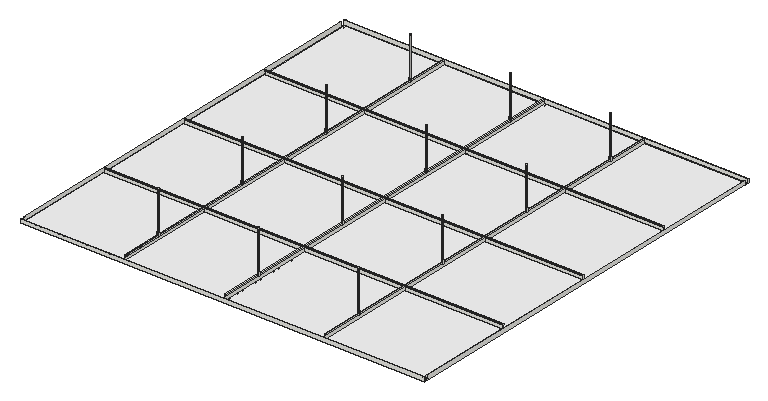
Revit family "FalsoTecho_THU_Bandeja-Modena-T24", category Modelos genéricos, Revit 2016
Family settings
  Tipo de pieza = Normal
  Puede alojar armadura = No
  Cota de conector redondo = Diámetro de uso
  Se basa en plano de trabajo = Sí
  Siempre vertical = No
  Corte con vacíos al cargar = Sí
  Compartido = Sí
  Punto de cálculo de habitación = No
Parameters (values of type "Aluminio_Descolgada-8mm_600x600")
  Tirantes_Separación real [instance] = (Falso techo_Anchura real - (Tirante inicial_Distancia a borde * 2)) / (Tirantes_Recuento - 1)  # 628.333 mm
  Tirantes_Recuento [instance] = (Falso techo_Longitud real - (Tirante inicial_Distancia a borde * 2)) / Tirante_Separación aproximada + 2  # 4
  Tirante_Separación aproximada [instance] = 1000 mm  # constant formula
  Tirante_Longitud [instance] = THU_Falso techo_Plenum altura + Solape_Perfil y tirante  # 257 mm
  Tirante inicial_Distancia a borde [instance] = if(Bandejas_Recuento longitudinal < 2, 25 mm, 250 mm)  # 250 mm
  THU_Velo [instance] = yes
  THU_Subestructura_Material = "Acero galvanizado"
  THU_Subestructura_Color [instance] = THU_Blanco-RAL9010
  THU_Reacción al fuego = "a2-s1, d0"
  THU_Perfil secundario [instance] = if(T24, Perfil T24_Secundario, Perfil T24_Decor_Secundario)  # Perfil_THU_T24 : Perfil T24-Secundario
  THU_Perfil primario [instance] = if(T24, Perfil T24_Primario, Perfil T24_Decor_Primario)  # Perfil_THU_T24 : Perfil T24-Primario
  THU_Falso techo_Área [instance] = Falso techo_Longitud real * Falso techo_Anchura real  # 5.68823 m²
  THU_Falso techo_Plenum altura [instance] = 250 mm
  THU_Falso techo_Longitud [instance] = 2500 mm
  THU_Falso techo_Anchura [instance] = 2500 mm
  THU_Falso techo_Altura libre [instance] = 2500 mm
  THU_Bandeja_Material = "Aluminio"
  THU_Bandeja_Color [instance] = THU_Blanco-Mate
  THU_Bandeja = Bandeja_THU_Modena-T24 : Aluminio_V8_600x600
  THU_Acabado [instance] = Acabado_THU_Bandejas : Liso
  T24 Decor [instance] = not(T24)  # no
  T24 [instance] = yes
  Solape_Perfil y tirante = 7 mm  # constant formula
  Página web del producto = "http://thu.es/producto/bandeja-modena-t24/"
  Página web del fabricante = "http://thu.es/"
  Perfiles secundarios_Recuento [instance] = Bandejas_Recuento longitudinal - 1  # 3
  Perfiles primarios_Recuento [instance] = Bandejas_Recuento transversal - 1  # 3
  Perfiles iniciales_Desfase = Bandejas_Separación / 2  # 7.5 mm
  Perfil_Altura = 33 mm  # constant formula
  Perfil secundario_Longitud [instance] = Falso techo_Anchura real  # 2385 mm
  Perfil secundario_Intereje = 600 mm
  Perfil primario_Longitud [instance] = Falso techo_Longitud real  # 2385 mm
  Perfil primario_Intereje = 600 mm
  Perfil perimetral_Angular PVC [instance] = Perfiles perimetrales_THU : (F)_Angular PVC
  Perfil perimetral_Perfil cornisa [instance] = Perfiles perimetrales_THU : (D)_Perfil cornisa
  Perfil perimetral_L24x24 [instance] = Perfiles perimetrales_THU : (A)_L24x24
  Perfil perimetral_Anchura [instance] = if(A_L24x24, 24 mm, if(D_Perfil cornisa, 18 mm, if(F_Angular PVC, 28 mm, 24 mm)))  # 24 mm
  Perfil perimetral 04 [instance] = yes
  Perfil perimetral 03 [instance] = yes
  Perfil perimetral 02 [instance] = yes
  Perfil perimetral_Distancia a bandeja [instance] = Perfil perimetral_Anchura - 5 mm  # 19 mm
  Perfil perimetral trans_Longitud [instance] = Perfil secundario_Longitud + (Perfil perimetral_Distancia a bandeja * 2)  # 2423 mm
  Perfil perimetral long_Longitud [instance] = Perfil primario_Longitud - 10 mm  # 2375 mm
  Perfil perimetral 01 [instance] = yes
  Perfil perimetral [instance] = if(A_L24x24, Perfil perimetral_L24x24, if(D_Perfil cornisa, Perfil perimetral_Perfil cornisa, if(F_Angular PVC, Perfil perimetral_Angular PVC, Perfil perimetral_L24x24)))  # Perfiles perimetrales_THU : (A)_L24x24
  Perfil T24_Secundario [instance] = Perfil_THU_T24 : Perfil T24-Secundario
  Perfil T24_Primario [instance] = Perfil_THU_T24 : Perfil T24-Primario
  Perfil T24_Decor_Secundario [instance] = Perfil_THU_T24-Decor : Perfil T24-Secundario
  Perfil T24_Decor_Primario [instance] = Perfil_THU_T24-Decor : Perfil T24-Primario
  Omniclass = "23-15 19 23 11"
  Número de edición (versión) = 0
  Nombre del objeto = "Bandeja Modena T24"
  NBS Reference Description = "Board suspended ceiling system"
  NBS Reference = "20-10-10/110"
  Model = ""
  Marca = "THU"
  Manual de montaje = "http://thu.es/wp-content/uploads/manuals/MM-Techos-Bandejas-Modena-y-Parma.pdf"
  IFC Classification = "IfcCovering (CEILING)"
  Grupo del producto = "Bandejas"
  Ficha técnica = "http://thu.es/wp-content/uploads/datasheets/ft-bandejas-modena-24-thu.pdf"
  Ficha resumen = "http://thu.es/wp-content/uploads/datasheets/THU_Techos_metalicos_Bandeja_Modena_T24.pdf"
  Fecha de publicación del objeto BIM = ""
  Famila del producto = "Techos metálicos"
  Falso techo_Longitud real [instance] = ((Perfil secundario_Intereje * Bandejas_Recuento longitudinal) - Bandejas_Separación)  # 2385 mm
  Falso techo_Grosor = 33 mm  # constant formula
  Falso techo_Anchura real [instance] = ((Perfil primario_Intereje * Bandejas_Recuento transversal) - Bandejas_Separación)  # 2385 mm
  Fabricante = "THU Perfil S.L."
  F_Angular PVC [instance] = no
  Default Elevation = 0 mm
  Descripción = "Bandejas THU tipo Módena de dimensiones 585x585 mm, de cantos biselados (V6), rectos (V8) o enrasada y con sistema de perfilería vista (T24 o T-Decor24), compuesta por perfiles primarios y secundarios de ancho 24 mm y diferentes alturas. Alternativamente se pueden fabricar las bandejas en dimensiones 275x1175 mm con canto recto (V8)."
  Declaración de prestaciones = "http://thu.es/wp-content/uploads/declarations/dp_bandejas_modena_t24.pdf"
  D_Perfil cornisa [instance] = no
  Comentarios de tipo = "Bandejas Módena T24 para techo suspendido, para ser montadas en interior de edificios con perfilería THU T24, T-Decor 24 o T-Clip"
  COBie Type Category = "L387 : Suspended ceilings"
  Bandejas_Recuento transversal [instance] = THU_Falso techo_Anchura / Perfil primario_Intereje  # 4
  Bandejas_Recuento longitudinal [instance] = THU_Falso techo_Longitud / Perfil secundario_Intereje  # 4
  Bandejas_Recuento [instance] = Bandejas_Recuento longitudinal * Bandejas_Recuento transversal  # 16
  Bandejas_Separación = 15 mm
  Bandeja_Longitud = Perfil secundario_Intereje - Bandejas_Separación  # 585 mm
  Bandeja_Grosor = 10 mm  # constant formula
  Bandeja_Descuelgue = 7 mm
  Bandeja_Anchura = Perfil primario_Intereje - Bandejas_Separación  # 585 mm
  A_L24x24 [instance] = yes
Types (9, lengths in mm): name | Tirantes_Separación real | Tirantes_Recuento | THU_Falso techo_Área | THU_Falso techo_Longitud | THU_Falso techo_Anchura | THU_Bandeja_Material | THU_Bandeja | Perfiles secundarios_Recuento | Perfiles primarios_Recuento | Perfiles iniciales_Desfase | Perfil secundario_Longitud | Perfil secundario_Intereje | Perfil primario_Longitud | Perfil primario_Intereje | Perfil perimetral trans_Longitud | Perfil perimetral long_Longitud | Número de edición (versión) | Falso techo_Longitud real | Falso techo_Anchura real | Bandejas_Recuento transversal | Bandejas_Recuento longitudinal | Bandejas_Recuento | Bandejas_Separación | Bandeja_Longitud | Bandeja_Descuelgue | Bandeja_Anchura
  (no name) | 628.333 | 4 | 5.68823 m² | 2500 | 2500 | "Aluminio" | Bandeja_THU_Modena-T24 : Aluminio_V8_600x600 | 3 | 3 | 7.5 | 2385 | 600 | 2385 | 600 | 2423 | 2375 | 0 | 2385 | 2385 | 4 | 4 | 16 | 15 | 585 | 7 | 585
  Acero_Enrasada_600x600 | 630.333 | 4 | 5.71688 m² | 2500 | 2500 | "Acero" | Bandeja_THU_Modena-T24 : Acero_E_600x600 | 3 | 3 | 4.5 | 2391 | 600 | 2391 | 600 | 2429 | 2381 | 0 | 2391 | 2391 | 4 | 4 | 16 | 9 | 591 | 0 | 591
  Acero_Descolgada-6mm_600x600 | 628.333 | 4 | 5.68823 m² | 2500 | 2500 | "Acero" | Bandeja_THU_Modena-T24 : Acero_V6_600x600 | 3 | 3 | 7.5 | 2385 | 600 | 2385 | 600 | 2423 | 2375 | 1 | 2385 | 2385 | 4 | 4 | 16 | 15 | 585 | 5 | 585
  Acero_Descolgada-8mm_600x600 | 628.333 | 4 | 5.68823 m² | 2500 | 2500 | "Acero" | Bandeja_THU_Modena-T24 : Acero_V8_600x600 | 3 | 3 | 7.5 | 2385 | 600 | 2385 | 600 | 2423 | 2375 | 0 | 2385 | 2385 | 4 | 4 | 16 | 15 | 585 | 7 | 585
  Aluminio_Descolgada-6mm_600x600 | 628.333 | 4 | 5.68823 m² | 2500 | 2500 | "Aluminio" | Bandeja_THU_Modena-T24 : Aluminio_V6_600x600 | 3 | 3 | 7.5 | 2385 | 600 | 2385 | 600 | 2423 | 2375 | 1 | 2385 | 2385 | 4 | 4 | 16 | 15 | 585 | 5 | 585
  Aluminio_Descolgada-8mm_600x600 | 628.333 | 4 | 5.68823 m² | 2500 | 2500 | "Aluminio" | Bandeja_THU_Modena-T24 : Aluminio_V8_600x600 | 3 | 3 | 7.5 | 2385 | 600 | 2385 | 600 | 2423 | 2375 | 0 | 2385 | 2385 | 4 | 4 | 16 | 15 | 585 | 7 | 585
  Aluminio_Enrasada_600x600 | 630.333 | 4 | 5.71688 m² | 2500 | 2500 | "Aluminio" | Bandeja_THU_Modena-T24 : Aluminio_E_600x600 | 3 | 3 | 4.5 | 2391 | 600 | 2391 | 600 | 2429 | 2381 | 0 | 2391 | 2391 | 4 | 4 | 16 | 9 | 591 | 0 | 591
  Acero_Descolgada-8mm_300x1200 | 771.25 | 5 | 12.8522 m² | 3500 | 3500 | "Acero" | Bandeja_THU_Modena-T24 : Acero_V8_300x1200 | 2 | 11 | 7.5 | 3585 | 1200 | 3585 | 300 | 3623 | 3575 | 0 | 3585 | 3585 | 12 | 3 | 36 | 15 | 1185 | 7 | 285
  Aluminio_Descolgada-8mm_300x1200 | 771.25 | 5 | 12.8522 m² | 3500 | 3500 | "Aluminio" | Bandeja_THU_Modena-T24 : Aluminio_V8_300x1200 | 2 | 11 | 7.5 | 3585 | 1200 | 3585 | 300 | 3623 | 3575 | 0 | 3585 | 3585 | 12 | 3 | 36 | 15 | 1185 | 7 | 285
Reference planes
  plane 1 "Centro (Frontal/Posterior)": y = 0
  plane 2: z = 0
  plane 3 "Centro (Izquierda/Derecha)": x = 0
  plane 4 "Bandejas_Límite inferior": z = 2500
  plane 5 "Perfiles_Límite inferior": z = 2507
  plane 6 "Perfiles_Límite superior": z = 2540
  plane 7 "Plano de apoyo longitudinal_Separación rastreles": x = -7.5
  plane 8 "Plano de apoyo transversal_Separación rastreles": y = -7.5
  plane 9 "Tirantes_Parte superior": z = 2790
  plane 10 "Tirantes_Parte inferior": z = 2533
  plane 11 "Falso techo_Límite derecho": x = 2492.5
  plane 12 "Falso techo_Límite superior": y = 2492.5
  plane 13 "Falso techo_Límite superior real": y = 2385
  plane 14 "Falso techo_Límite derecho real": x = 2385
Dimensions and locks
  "THU_Falso techo_Altura libre": plane 4 "Bandejas_Límite inferior" to level
  "Bandeja_Descuelgue": plane 5 "Perfiles_Límite inferior" to plane 4 "Bandejas_Límite inferior"
  "Perfil_Altura": plane 6 "Perfiles_Límite superior" to plane 5 "Perfiles_Límite inferior"
  "Perfiles iniciales_Desfase": plane 7 "Plano de apoyo longitudinal_Separación rastreles" to plane 3 "Centro (Izquierda/Derecha)"
  "Perfiles iniciales_Desfase": plane 1 "Centro (Frontal/Posterior)" to plane 8 "Plano de apoyo transversal_Separación rastreles"
  "Solape_Perfil y tirante": plane 6 "Perfiles_Límite superior" to plane 10 "Tirantes_Parte inferior"
  "THU_Falso techo_Plenum altura": plane 9 "Tirantes_Parte superior" to plane 6 "Perfiles_Límite superior"
  "THU_Falso techo_Anchura": plane 7 "Plano de apoyo longitudinal_Separación rastreles" to plane 11 "Falso techo_Límite derecho"
  "THU_Falso techo_Longitud": plane 12 "Falso techo_Límite superior" to plane 8 "Plano de apoyo transversal_Separación rastreles"
  equal spacing: group 1, group 2, group 3, group 9  (x3)
  "Bandejas_Separación": nested 2 to nested 1
  equal spacing: group 4, group 5, group 6  (x3)
  "Perfil primario_Intereje": plane 7 "Plano de apoyo longitudinal_Separación rastreles" to nested 4
  "Perfil primario_Intereje": nested 4 to nested 5
  equal spacing: group 7, group 8, group 10  (x3)
  "Perfil secundario_Intereje": nested 7 to plane 8 "Plano de apoyo transversal_Separación rastreles"
  "Perfil secundario_Intereje": nested 7 to nested 8
  "Falso techo_Anchura real": plane 3 "Centro (Izquierda/Derecha)" to plane 14 "Falso techo_Límite derecho real"
  "Falso techo_Longitud real": plane 1 "Centro (Frontal/Posterior)" to plane 13 "Falso techo_Límite superior real"
  "Perfil perimetral_Distancia a bandeja": nested 9 to plane 3 "Centro (Izquierda/Derecha)"
  "Perfil perimetral_Distancia a bandeja": nested 9 to plane 1 "Centro (Frontal/Posterior)"
  "Perfil perimetral_Distancia a bandeja": plane 14 "Falso techo_Límite derecho real" to nested 10
  "Perfil perimetral_Distancia a bandeja": nested 11 to plane 3 "Centro (Izquierda/Derecha)"
  "Perfil perimetral_Distancia a bandeja": nested 11 to plane 13 "Falso techo_Límite superior real"
  aligned and locked: level to plane 2
  aligned and locked: plane 3 "Centro (Izquierda/Derecha)" to nested 1
  aligned and locked: plane 1 "Centro (Frontal/Posterior)" to nested 1
  aligned and locked: nested 1 to plane 4 "Bandejas_Límite inferior"
  aligned and locked: nested 2 to plane 4 "Bandejas_Límite inferior"
  aligned and locked: nested 4 to plane 5 "Perfiles_Límite inferior"
  aligned and locked: nested 5 to plane 5 "Perfiles_Límite inferior"
  aligned and locked: nested 7 to plane 5 "Perfiles_Límite inferior"
  aligned and locked: nested 8 to plane 5 "Perfiles_Límite inferior"
  aligned and locked: nested 9 to nested 12
  aligned and locked: nested 10 to nested 9
  aligned and locked: nested 12 to nested 9
Nested families
  nested 1: "Bandeja_THU_Modena-T24" at (0, 0, 2500), Bandeja_Anchura <- "Bandeja_Anchura", Bandeja_Longitud <- "Bandeja_Longitud", Bandejas_Separación <- "Bandejas_Separación", Bandejas_Recuento transversal <- "Bandejas_Recuento transversal", type <- "THU_Bandeja", THU_Color <- "THU_Bandeja_Color", THU_Material <- "THU_Bandeja_Material", type "Aluminio_V8_600x600"
    with THU_Recuento (ud) 4, THU_Material "Aluminio", THU_Color THU_Blanco-Mate, Parte superior_Grosor 8 mm, Bandejas_Separación 15 mm, Bandejas_Recuento transversal 4, Bandeja_Longitud 585 mm, Bandeja_Grosor 16 mm, Bandeja_Anchura 585 mm
  nested 2: "Bandeja_THU_Modena-T24" at (0, 600, 2500), Bandeja_Anchura <- "Bandeja_Anchura", Bandeja_Longitud <- "Bandeja_Longitud", Bandejas_Separación <- "Bandejas_Separación", Bandejas_Recuento transversal <- "Bandejas_Recuento transversal", type <- "THU_Bandeja", THU_Color <- "THU_Bandeja_Color", THU_Material <- "THU_Bandeja_Material", type "Aluminio_V8_600x600"
    with THU_Recuento (ud) 4, THU_Material "Aluminio", THU_Color THU_Blanco-Mate, Parte superior_Grosor 8 mm, Bandejas_Separación 15 mm, Bandejas_Recuento transversal 4, Bandeja_Longitud 585 mm, Bandeja_Grosor 16 mm, Bandeja_Anchura 585 mm
  nested 3: "Bandeja_THU_Modena-T24" at (0, 1200, 2500), Bandeja_Anchura <- "Bandeja_Anchura", Bandeja_Longitud <- "Bandeja_Longitud", Bandejas_Separación <- "Bandejas_Separación", Bandejas_Recuento transversal <- "Bandejas_Recuento transversal", type <- "THU_Bandeja", THU_Color <- "THU_Bandeja_Color", THU_Material <- "THU_Bandeja_Material", type "Aluminio_V8_600x600"
    with THU_Recuento (ud) 4, THU_Material "Aluminio", THU_Color THU_Blanco-Mate, Parte superior_Grosor 8 mm, Bandejas_Separación 15 mm, Bandejas_Recuento transversal 4, Bandeja_Longitud 585 mm, Bandeja_Grosor 16 mm, Bandeja_Anchura 585 mm
  nested 4: "Perfil_THU_T24" at (592.5, 0, 2507), type <- "THU_Perfil primario", Tirante inicial_Distancia a extremo <- "Tirante inicial_Distancia a borde", Tirante_Longitud <- "Tirante_Longitud", Tirantes_Recuento <- "Tirantes_Recuento", THU_Color <- "THU_Subestructura_Color", THU_Material <- "THU_Subestructura_Material", Perfil_Longitud <- "Perfil primario_Longitud", Perfil_Altura <- "Perfil_Altura", type "Perfil T24-Primario"
    with Tirantes_Recuento 4, Tirante_Longitud 257 mm, Tirante inicial_Distancia a extremo 250 mm, THU_Recuento (ml) 2385 mm, THU_Material "Acero galvanizado", THU_Color THU_Blanco-RAL9010, Perfil_Longitud 2385 mm, Perfil_Grosor superior 5 mm, Perfil_Grosor base 1 mm, Perfil_Altura alma 27 mm, Perfil_Altura 33 mm
  nested 5: "Perfil_THU_T24" at (1192.5, 0, 2507), type <- "THU_Perfil primario", Tirante inicial_Distancia a extremo <- "Tirante inicial_Distancia a borde", Tirante_Longitud <- "Tirante_Longitud", Tirantes_Recuento <- "Tirantes_Recuento", THU_Color <- "THU_Subestructura_Color", THU_Material <- "THU_Subestructura_Material", Perfil_Longitud <- "Perfil primario_Longitud", Perfil_Altura <- "Perfil_Altura", type "Perfil T24-Primario"
    with Tirantes_Recuento 4, Tirante_Longitud 257 mm, Tirante inicial_Distancia a extremo 250 mm, THU_Recuento (ml) 2385 mm, THU_Material "Acero galvanizado", THU_Color THU_Blanco-RAL9010, Perfil_Longitud 2385 mm, Perfil_Grosor superior 5 mm, Perfil_Grosor base 1 mm, Perfil_Altura alma 27 mm, Perfil_Altura 33 mm
  nested 6: "Perfil_THU_T24" at (1792.5, 0, 2507), type <- "THU_Perfil primario", Tirante inicial_Distancia a extremo <- "Tirante inicial_Distancia a borde", Tirante_Longitud <- "Tirante_Longitud", Tirantes_Recuento <- "Tirantes_Recuento", THU_Color <- "THU_Subestructura_Color", THU_Material <- "THU_Subestructura_Material", Perfil_Longitud <- "Perfil primario_Longitud", Perfil_Altura <- "Perfil_Altura", type "Perfil T24-Primario"
    with Tirantes_Recuento 4, Tirante_Longitud 257 mm, Tirante inicial_Distancia a extremo 250 mm, THU_Recuento (ml) 2385 mm, THU_Material "Acero galvanizado", THU_Color THU_Blanco-RAL9010, Perfil_Longitud 2385 mm, Perfil_Grosor superior 5 mm, Perfil_Grosor base 1 mm, Perfil_Altura alma 27 mm, Perfil_Altura 33 mm
  nested 7: "Perfil_THU_T24" at (0, 592.5, 2507) x (0, -1, 0) z (0, 0, 1), type <- "THU_Perfil secundario", Tirante inicial_Distancia a extremo <- "Tirante inicial_Distancia a borde", Tirante_Longitud <- "Tirante_Longitud", Tirantes_Recuento <- "Tirantes_Recuento", THU_Color <- "THU_Subestructura_Color", THU_Material <- "THU_Subestructura_Material", Perfil_Longitud <- "Perfil secundario_Longitud", Perfil_Altura <- "Perfil_Altura", type "Perfil T24-Secundario"
    with Tirantes_Recuento 4, Tirante_Longitud 257 mm, Tirante inicial_Distancia a extremo 250 mm, THU_Recuento (ml) 2385 mm, THU_Material "Acero galvanizado", THU_Color THU_Blanco-RAL9010, Perfil_Longitud 2385 mm, Perfil_Grosor superior 5 mm, Perfil_Grosor base 1 mm, Perfil_Altura alma 27 mm, Perfil_Altura 33 mm
  nested 8: "Perfil_THU_T24" at (0, 1192.5, 2507) x (0, -1, 0) z (0, 0, 1), type <- "THU_Perfil secundario", Tirante inicial_Distancia a extremo <- "Tirante inicial_Distancia a borde", Tirante_Longitud <- "Tirante_Longitud", Tirantes_Recuento <- "Tirantes_Recuento", THU_Color <- "THU_Subestructura_Color", THU_Material <- "THU_Subestructura_Material", Perfil_Longitud <- "Perfil secundario_Longitud", Perfil_Altura <- "Perfil_Altura", type "Perfil T24-Secundario"
    with Tirantes_Recuento 4, Tirante_Longitud 257 mm, Tirante inicial_Distancia a extremo 250 mm, THU_Recuento (ml) 2385 mm, THU_Material "Acero galvanizado", THU_Color THU_Blanco-RAL9010, Perfil_Longitud 2385 mm, Perfil_Grosor superior 5 mm, Perfil_Grosor base 1 mm, Perfil_Altura alma 27 mm, Perfil_Altura 33 mm
  nested 9: "Perfiles perimetrales_THU" at (-19, -19, 2507) x (0, 1, 0) z (0, 0, 1), THU_Color <- "THU_Subestructura_Color", THU_Material <- "THU_Subestructura_Material", Perfil_Anchura <- "Perfil perimetral_Anchura", visible <- "Perfil perimetral 01", Perfil_Longitud <- "Perfil perimetral trans_Longitud", type <- "Perfil perimetral", type "(A)_L24x24"
    with THU_Recuento (ml) 2423 mm, THU_Material "Acero galvanizado", THU_Color THU_Blanco-RAL9010, Perfil_Longitud 2423 mm, Perfil_Anchura 24 mm
  nested 10: "Perfiles perimetrales_THU" at (2404, 5, 2507) x (-1, 0, 0) z (0, 0, 1), THU_Color <- "THU_Subestructura_Color", THU_Material <- "THU_Subestructura_Material", Perfil_Anchura <- "Perfil perimetral_Anchura", visible <- "Perfil perimetral 02", Perfil_Longitud <- "Perfil perimetral long_Longitud", type <- "Perfil perimetral", type "(A)_L24x24"
    with THU_Recuento (ml) 2375 mm, THU_Material "Acero galvanizado", THU_Color THU_Blanco-RAL9010, Perfil_Longitud 2375 mm, Perfil_Anchura 24 mm
  nested 11: "Perfiles perimetrales_THU" at (-19, 2404, 2507) x (0, -1, 0) z (0, 0, 1), THU_Color <- "THU_Subestructura_Color", THU_Material <- "THU_Subestructura_Material", Perfil_Anchura <- "Perfil perimetral_Anchura", visible <- "Perfil perimetral 03", Perfil_Longitud <- "Perfil perimetral trans_Longitud", type <- "Perfil perimetral", type "(A)_L24x24"
    with THU_Recuento (ml) 2423 mm, THU_Material "Acero galvanizado", THU_Color THU_Blanco-RAL9010, Perfil_Longitud 2423 mm, Perfil_Anchura 24 mm
  nested 12: "Perfiles perimetrales_THU" at (-19, 5, 2507), THU_Color <- "THU_Subestructura_Color", THU_Material <- "THU_Subestructura_Material", Perfil_Anchura <- "Perfil perimetral_Anchura", visible <- "Perfil perimetral 04", Perfil_Longitud <- "Perfil perimetral long_Longitud", type <- "Perfil perimetral", type "(A)_L24x24"
    with THU_Recuento (ml) 2375 mm, THU_Material "Acero galvanizado", THU_Color THU_Blanco-RAL9010, Perfil_Longitud 2375 mm, Perfil_Anchura 24 mm
  nested 13: "Bandeja_THU_Modena-T24" at (0, 1800, 2500), Bandeja_Anchura <- "Bandeja_Anchura", Bandeja_Longitud <- "Bandeja_Longitud", Bandejas_Separación <- "Bandejas_Separación", Bandejas_Recuento transversal <- "Bandejas_Recuento transversal", type <- "THU_Bandeja", THU_Color <- "THU_Bandeja_Color", THU_Material <- "THU_Bandeja_Material", type "Aluminio_V8_600x600"
    with THU_Recuento (ud) 4, THU_Material "Aluminio", THU_Color THU_Blanco-Mate, Parte superior_Grosor 8 mm, Bandejas_Separación 15 mm, Bandejas_Recuento transversal 4, Bandeja_Longitud 585 mm, Bandeja_Grosor 16 mm, Bandeja_Anchura 585 mm
  nested 14: "Perfil_THU_T24" at (0, 1792.5, 2507) x (0, -1, 0) z (0, 0, 1), type <- "THU_Perfil secundario", Tirante inicial_Distancia a extremo <- "Tirante inicial_Distancia a borde", Tirante_Longitud <- "Tirante_Longitud", Tirantes_Recuento <- "Tirantes_Recuento", THU_Color <- "THU_Subestructura_Color", THU_Material <- "THU_Subestructura_Material", Perfil_Longitud <- "Perfil secundario_Longitud", Perfil_Altura <- "Perfil_Altura", type "Perfil T24-Secundario"
    with Tirantes_Recuento 4, Tirante_Longitud 257 mm, Tirante inicial_Distancia a extremo 250 mm, THU_Recuento (ml) 2385 mm, THU_Material "Acero galvanizado", THU_Color THU_Blanco-RAL9010, Perfil_Longitud 2385 mm, Perfil_Grosor superior 5 mm, Perfil_Grosor base 1 mm, Perfil_Altura alma 27 mm, Perfil_Altura 33 mm
Definition of nested family "Bandeja_THU_Modena-T24"
  Parameters (values of type "Acero_E_600x600")
    THU_Recuento (ud) [instance] = Bandejas_Recuento transversal  # 2
    THU_Mediciones = yes
    THU_Material [instance] = "Acero"
    THU_Color [instance] = none
    Nombre del objeto = "Modena T24 Enrasada 600X600"
    Default Elevation = 0 mm
    Parte inferior_Desfase vertical = 2 mm
    Parte inferior_Inicio extrusión = 0 mm  # constant formula
    Parte inferior_Desfase horizontal = 8 mm
    Parte superior_Grosor [instance] = 8 mm
    Bandejas_Recuento transversal [instance] = 2
    Bandejas_Separación [instance] = 9 mm
    Bandeja_Longitud [instance] = 591 mm
    Bandeja_Grosor [instance] = Parte superior_Grosor + Parte inferior_Desfase vertical  # 10 mm
    Bandeja_Anchura [instance] = 591 mm
  Types (8, lengths in mm): name | THU_Material | Nombre del objeto | Parte inferior_Desfase vertical | Parte inferior_Desfase horizontal | Parte superior_Grosor | Bandeja_Longitud | Bandeja_Grosor | Bandeja_Anchura
    Acero_E_600x600 | "Acero" | "Modena T24 Enrasada 600X600" | 2 | 8 | 8 | 591 | 10 | 591
    Acero_V6_600x600 | "Acero" | "Modena T24 Descolgada 6 600X600" | 6 | 5 | 3 | 591 | 9 | 591
    Aluminio_V8_600x600 | "Aluminio" | "Modena T24 Descolgada 8 600X600" | 8 | 5 | 3 | 591 | 11 | 591
    Aluminio_E_600x600 | "Aluminio" | "Modena T24 Enrasada 600X600" | 2 | 8 | 8 | 591 | 10 | 591
    Aluminio_V6_600x600 | "Aluminio" | "Modena T24 Descolgada 6 600X600" | 6 | 5 | 3 | 591 | 9 | 591
    Acero_V8_600x600 | "Acero" | "Modena T24 Descolgada 8 600X600" | 8 | 5 | 3 | 591 | 11 | 591
    Acero_V8_300x1200 | "Acero" | "Modena T24 Descolgada 8 600X600" | 8 | 5 | 3 | 1175 | 11 | 275
    Aluminio_V8_300x1200 | "Aluminio" | "Modena T24 Descolgada 8 600X600" | 8 | 5 | 3 | 1175 | 11 | 275
  Reference planes
    plane 1 "Centro (Frontal/Posterior)": y = 0
    plane 2: z = 0
    plane 3 "Centro (Izquierda/Derecha)": x = 0
  Forms (mm)
    Extrusion 1, solid, material <- "THU_Color"
      sketch origin (0, 0, 0) x (1, 0, 0) y (0, 1, 0)
        loop
          line (0, 0) -> (591, 0) -> (591, 591) -> (0, 591) -> (0, 0)
      from 2 <- "Parte inferior_Desfase vertical" to 10 <- "Bandeja_Grosor"
    Extrusion 2, solid, material <- "THU_Color"
      sketch origin (0, 0, 0) x (1, 0, 0) y (0, 1, 0)
        loop
          line (8, 583) -> (8, 8) -> (583, 8) -> (583, 583) -> (8, 583)
      from 0 <- "Parte inferior_Inicio extrusión" to 2 <- "Parte inferior_Desfase vertical"
    Extrusion 3, solid, material <- "THU_Color"
      sketch origin (600, 0, 0) x (1, 0, 0) y (0, 1, 0)
        loop
          line (0, 0) -> (591, 0) -> (591, 591) -> (0, 591) -> (0, 0)
      from 2 <- "Parte inferior_Desfase vertical" to 10 <- "Bandeja_Grosor"
    Extrusion 4, solid, material <- "THU_Color"
      sketch origin (600, 0, 0) x (1, 0, 0) y (0, 1, 0)
        loop
          line (8, 583) -> (8, 8) -> (583, 8) -> (583, 583) -> (8, 583)
      from 0 <- "Parte inferior_Inicio extrusión" to 2 <- "Parte inferior_Desfase vertical"
  Lines and regions (mm)
    reference lines
      curve 1: line (0, 0, 0) -> (0, 600, 0)
      curve 2: line (0, 0, 0) -> (600, 0, 0)
      curve 3: line (600, 0, 0) -> (1200, 0, 0)
      curve 4: line (600, 0, 0) -> (600, 600, 0)
      curve 5: line (600, 0, 0) -> (1200, 0, 0)
  Dimensions and locks
    "Bandeja_Anchura": curve 1 to Extrusion 1 sketch curve
    "Bandeja_Longitud": Extrusion 1 sketch curve to curve 2
    "Parte inferior_Desfase horizontal": curve 2 to Extrusion 2 sketch curve
    "Parte inferior_Desfase horizontal": Extrusion 2 sketch curve to Extrusion 1  (x2)
    "Parte inferior_Desfase horizontal": curve 1 to Extrusion 2 sketch curve
    "Bandeja_Anchura": curve 4 to Extrusion 3 sketch curve
    "Bandeja_Longitud": Extrusion 3 sketch curve to curve 5
    "Parte inferior_Desfase horizontal": curve 5 to Extrusion 4 sketch curve
    "Parte inferior_Desfase horizontal": Extrusion 4 sketch curve to Extrusion 3  (x2)
    "Parte inferior_Desfase horizontal": curve 4 to Extrusion 4 sketch curve
    group 1 to group 2 = 600 mm
    group 1 to group 2 = 0 mm  (x2)
    "Bandejas_Separación": Extrusion 1 to curve 4
    aligned and locked: level to plane 2
    aligned and locked: Extrusion 1 sketch curve to curve 1
    aligned and locked: Extrusion 1 sketch curve to curve 2
    aligned and locked: Extrusion 2 to level  (x2)
    aligned and locked: Extrusion 3 sketch curve to curve 4
    aligned and locked: Extrusion 3 sketch curve to curve 5
    aligned and locked: Extrusion 4 to level
  Automatic sketch dimensions
    plane 1 "Centro (Frontal/Posterior)" to curve 3 = 0 mm
    curve 3 to curve 3 = 600 mm
    plane 3 "Centro (Izquierda/Derecha)" to curve 3 = 600 mm
Definition of nested family "Perfil_THU_T24"
  Parameters (values of type "Perfil T24-Secundario")
    Tirantes_Recuento [instance] = 2
    Tirantes = no
    Tirante_Longitud [instance] = 250 mm
    Tirante inicial_Distancia a extremo [instance] = 250 mm
    THU_Recuento (ml) [instance] = Perfil_Longitud  # 1000 mm
    THU_Mediciones = 1 < 2  # yes
    THU_Material [instance] = "Acero galvanizado"
    THU_Color [instance] = none
    Perfil_Longitud [instance] = 1000 mm
    Perfil_Anchura base = 24 mm  # constant formula
    Perfil_Grosor base [instance] = 1 mm  # constant formula
    Perfil_Anchura superior = 6.5 mm  # constant formula
    Perfil_Altura [instance] = 33 mm
    Nombre del objeto = "Perfil T24"
    Default Elevation = 0 mm
    Perfil_Grosor alma = 1 mm  # constant formula
    Perfil_Grosor superior [instance] = 5 mm  # constant formula
    Perfil_Altura alma [instance] = Perfil_Altura - (Perfil_Grosor base + Perfil_Grosor superior)  # 27 mm
  Types (2, lengths in mm): name | Tirantes
    Perfil T24-Primario | yes
    Perfil T24-Secundario | no
  Reference planes
    plane 1 "Centro (Frontal/Posterior)": y = 0
    plane 2: z = 0
    plane 3 "Centro (Izquierda/Derecha)": x = 0
    plane 4 "Perfil_Cara superior": z = 33
    plane 5 "Tirante_Cara inferior": z = 26
  Forms (mm)
    Extrusion 1, solid, material <- "THU_Color", detail levels medium+fine
      sketch origin (0, 0, 47.063) x (1, 0, 0) y (0, 0, -1)
        loop
          line (3.25, 14.063) -> (3.25, 19.063) -> (0.5, 19.063) -> (0.5, 46.063) -> (12, 46.063) -> (12, 47.063) -> (-12, 47.062) -> (-12, 46.062) -> (-0.5, 46.063) -> (-0.5, 19.063) -> (-3.25, 19.063) -> (-3.25, 14.063) -> (3.25, 14.063)
      from 0 to 1000
  Lines and regions (mm)
    reference lines
      curve 1: line (-19.494, 0, 0) -> (20.506, 0, 0)
  Dimensions and locks
    "Perfil_Anchura superior": Extrusion 1 sketch curve to Extrusion 1 sketch curve
    equal spacing: Extrusion 1 sketch curve, plane 3 "Centro (Izquierda/Derecha)", Extrusion 1 sketch curve  (x3)
    "Perfil_Grosor alma": Extrusion 1 sketch curve to Extrusion 1 sketch curve
    "Perfil_Grosor superior": Extrusion 1 sketch curve to Extrusion 1 sketch curve
    "Perfil_Altura alma": Extrusion 1 sketch curve to Extrusion 1 sketch curve
    "Perfil_Anchura base": Extrusion 1 sketch curve to Extrusion 1 sketch curve
    "Perfil_Longitud": Extrusion 1 to Extrusion 1
    "Perfil_Altura": plane 4 "Perfil_Cara superior" to level
    "Tirante inicial_Distancia a extremo": plane 1 "Centro (Frontal/Posterior)" to nested 1
    locked: plane 4 "Perfil_Cara superior" to plane 5 "Tirante_Cara inferior" at 7
    group 1 to group 2 = 0 mm  (x2)
    group 1 to group 2 = 500 mm
    "Tirante inicial_Distancia a extremo": Extrusion 1 to nested 2
    "Perfil_Grosor base": Extrusion 1 sketch curve to Extrusion 1 sketch curve
    aligned and locked: level to plane 2
    aligned and locked: Extrusion 1 sketch curve to Extrusion 1 sketch curve
    aligned and locked: Extrusion 1 to level
    aligned and locked: plane 4 "Perfil_Cara superior" to Extrusion 1  (x2)
    aligned and locked: plane 3 "Centro (Izquierda/Derecha)" to nested 1
    aligned and locked: nested 1 to plane 5 "Tirante_Cara inferior"  (x2)
    aligned and locked: nested 2 to plane 5 "Tirante_Cara inferior"
    aligned and locked: plane 2 to curve 1
    aligned and locked: curve 1 to Extrusion 1 sketch curve
  Automatic sketch dimensions
    curve 1 to plane 3 "Centro (Izquierda/Derecha)" = 19.494 mm
    plane 3 "Centro (Izquierda/Derecha)" to curve 1 = 20.506 mm
    Extrusion 1 sketch curve to Extrusion 1 sketch curve = 0 mm
  Nested families
    nested 1: "Tirantes_THU" at (0, 250, 26), Tirante_Longitud <- "Tirante_Longitud", visible <- "Tirantes", Tirante_Material <- "THU_Color", type "Tirante - Perfiles", detail levels fine
      with Tirante_Material none, Tirante_Longitud 250 mm
    nested 2: "Tirantes_THU" at (0, 750, 26), Tirante_Longitud <- "Tirante_Longitud", visible <- "Tirantes", Tirante_Material <- "THU_Color", type "Tirante - Perfiles", detail levels fine
      with Tirante_Material none, Tirante_Longitud 250 mm
  Definition of nested family "Tirantes_THU"
    Parameters (values of type "Tirante - Perfil triangular")
      Tirante_Material [instance] = none
      Tirante_Longitud [instance] = 250 mm
      Pieza de cuelgue_Altura = 20 mm
      Pieza de cualgue_Anchura = 26 mm
      Perfiles = no
      Perfil triangular = yes
      Rastreles = no
      Default Elevation = 0 mm
    Types (3, lengths in mm): name | Pieza de cuelgue_Altura | Pieza de cualgue_Anchura | Perfiles | Perfil triangular | Rastreles
      Tirante - Rastreles | 40 | 10 | no | no | yes
      Tirante - Perfil triangular | 20 | 26 | no | yes | no
      Tirante - Perfiles | 20 | 10.5 | yes | no | no
    Reference planes
      plane 1 "Centro (Frontal/Posterior)": y = 0
      plane 2: z = 0
      plane 3 "Centro (Izquierda/Derecha)": x = 0
      plane 4 "Perfil_Cara superior": z = 20
      plane 5 "Tirantes_Límite superior": z = 250
      plane 6 "Pieza de cuelgue_Lateral izquierdo": x = -13
      plane 7 "Pieza de cuelgue_Lateral derecho": x = 13
    Forms (mm)
      Extrusion 1, solid, material <- "Tirante_Material"
        sketch origin (0, 0, 0) x (1, 0, 0) y (0, 1, 0)
          loop
            circle (0, 0) r 1.5
        from 20 to 250
      Extrusion 2, solid, material <- "Tirante_Material", visible <- "Perfiles"
        sketch origin (0, 0, 0) x (1, 0, 0) y (0, 0, 1)
          loop
            line (-13, 20) -> (-13, 0) -> (-8.759, 0) -> (-8.759, 2) -> (-10.518, 2) -> (-10.518, 11) -> (10.518, 11) -> (10.518, 2) -> (8.759, 2) -> (8.759, 0) -> (13, 0) -> (13, 20) -> (-13, 20)
        from -1 to 1
      Extrusion 3, solid, material <- "Tirante_Material", visible <- "Perfil triangular"
        sketch origin (0, 0, 0) x (1, 0, 0) y (0, 0, 1)
          loop
            line (0, 20) -> (-13, 20) -> (-13, 18) -> (-1, 18) -> (-1, 2.022) -> (-13, 2.022) -> (-13, 0) -> (0, 0) -> (13, 0) -> (13, 2.022) -> (1, 2.022) -> (1, 18) -> (13, 18) -> (13, 20) -> (0, 20)
        from -7.5 to 7.5
      Extrusion 4, solid, material <- "Tirante_Material", visible <- "Rastreles"
        sketch origin (0, 0, 0) x (1, 0, 0) y (0, 0, 1)
          loop
            line (-13, 0) -> (13, 0) -> (13, 20) -> (-13, 20) -> (-13, 0)
        from -1 to 1
    Dimensions and locks
      equal spacing: Extrusion 2, plane 1 "Centro (Frontal/Posterior)", Extrusion 2
      "Tirante_Longitud": plane 5 "Tirantes_Límite superior" to level
      "Pieza de cuelgue_Altura": plane 4 "Perfil_Cara superior" to level
      "Pieza de cualgue_Anchura": plane 7 "Pieza de cuelgue_Lateral derecho" to plane 6 "Pieza de cuelgue_Lateral izquierdo"
      equal spacing: plane 7 "Pieza de cuelgue_Lateral derecho", plane 3 "Centro (Izquierda/Derecha)", plane 6 "Pieza de cuelgue_Lateral izquierdo"
      locked: Extrusion 2 sketch curve to Extrusion 2 sketch curve at 2.482  (x2)
      locked: Extrusion 2 sketch curve to Extrusion 2 sketch curve at 9
      locked: Extrusion 2 sketch curve to Extrusion 2 sketch curve at 4.241  (x2)
      locked: Extrusion 3 sketch curve to Extrusion 3 sketch curve at 2  (x2)
      locked: Extrusion 3 sketch curve to Extrusion 3 sketch curve at 2.022
      aligned and locked: level to plane 2
      aligned and locked: plane 5 "Tirantes_Límite superior" to Extrusion 1
      aligned and locked: Extrusion 1 to plane 4 "Perfil_Cara superior"
      aligned and locked: Extrusion 1 to Extrusion 2
      aligned and locked: Extrusion 2 to level
      aligned and locked: Extrusion 3 sketch curve to Extrusion 3 sketch curve  (x4)
      aligned and locked: plane 4 "Perfil_Cara superior" to Extrusion 4 sketch curve
      aligned and locked: plane 7 "Pieza de cuelgue_Lateral derecho" to Extrusion 4 sketch curve
      aligned and locked: Extrusion 4 sketch curve to plane 6 "Pieza de cuelgue_Lateral izquierdo"
      aligned and locked: plane 6 "Pieza de cuelgue_Lateral izquierdo" to Extrusion 2 sketch curve
      aligned and locked: Extrusion 3 sketch curve to plane 7 "Pieza de cuelgue_Lateral derecho"
      aligned and locked: Extrusion 3 sketch curve to plane 6 "Pieza de cuelgue_Lateral izquierdo"
      aligned and locked: Extrusion 2 sketch curve to Extrusion 2 sketch curve
    Automatic sketch dimensions
      plane 1 "Centro (Frontal/Posterior)" to Extrusion 1 sketch curve = 0 mm
      Extrusion 1 sketch curve to plane 3 "Centro (Izquierda/Derecha)" = 0 mm
      Extrusion 2 sketch curve to level = 0 mm  (x2)
      Extrusion 2 sketch curve to plane 4 "Perfil_Cara superior" = 0 mm
      level to Extrusion 2 sketch curve = 2 mm
      Extrusion 3 sketch curve to plane 4 "Perfil_Cara superior" = 0 mm
      Extrusion 3 sketch curve to level = 0 mm
      Extrusion 3 sketch curve to plane 3 "Centro (Izquierda/Derecha)" = 0 mm  (x2)
      plane 3 "Centro (Izquierda/Derecha)" to Extrusion 3 sketch curve = 1 mm
      Extrusion 2 sketch curve to plane 7 "Pieza de cuelgue_Lateral derecho" = 0 mm
      Extrusion 4 sketch curve to level = 0 mm
      radius of Extrusion 1 sketch curve = 1.5 mm
Definition of nested family "Perfiles perimetrales_THU"
  Parameters (values of type "U20")
    U = yes
    THU_Recuento (ml) [instance] = Perfil_Longitud  # 1000 mm
    THU_Mediciones = 1 < 2  # yes
    THU_Material [instance] = "Acero galvanizado"
    THU_Color [instance] = none
    RC = no
    Perfil_Longitud [instance] = 1000 mm
    Perfil_Grosor = 1 mm
    Perfil_Anchura [instance] = 15 mm
    Perfil_Altura = 20 mm
    Nombre del objeto = "Perfil U20"
    (A)_(F) = no
    Default Elevation = 0 mm
    (D)_Perfil cornisa = no
  Types (7, lengths in mm): name | U | THU_Material | RC | Perfil_Anchura | Perfil_Altura | Nombre del objeto | (A)_(F) | (D)_Perfil cornisa
    (A)_L24x24 | no | "Acero galvanizado" | no | 24 | 24 | "(A)_L24x24" | yes | no
    (D)_Perfil cornisa | no | "Acero galvanizado" | no | 18 | 37 | "(D)_Perfil cornisa" | no | yes
    (F)_Angular PVC | no | "PVC" | no | 28 | 22 | "(F)_Angular PVC" | yes | no
    (A)_L15x33 | no | "Acero galvanizado" | no | 15 | 33 | "(A)_L24x24" | yes | no
    U40 | yes | "Acero galvanizado" | no | 15 | 42 | "Perfil U40" | no | no
    RC | no | "Acero galvanizado" | yes | 28 | 20 | "Perfil RC" | no | no
    U20 | yes | "Acero galvanizado" | no | 15 | 20 | "Perfil U20" | no | no
  Reference planes
    plane 1 "Centro (Frontal/Posterior)": y = 0
    plane 2: z = 0
    plane 3 "Centro (Izquierda/Derecha)": x = 0
    plane 4 "Perfil_Cara superior": z = 20
    plane 5: x = 15
    plane 6: y = -1000
  Forms (mm)
    Extrusion 1, solid, material <- "THU_Color", visible <- "(A)_(F)", detail levels medium+fine
      sketch origin (0, 0, 0) x (1, 0, 0) y (0, 0, 1)
        loop
          line (0, 20) -> (0, 0) -> (15, 0) -> (15, 1) -> (1, 1) -> (1, 20) -> (0, 20)
      from 0 to 1000
    Extrusion 2, solid, material <- "THU_Color", visible <- "(D)_Perfil cornisa", detail levels medium+fine
      sketch origin (0, 0, 0) x (1, 0, 0) y (0, 0, 1)
        loop
          line (1, 20) -> (0, 20) -> (0, 1) -> (-13, 1) -> (-13, 22) -> (-14, 22) -> (-14, 0) -> (15, 0) -> (15, 1) -> (1, 1) -> (1, 20)
      from 0 to 1000
    Extrusion 3, solid, material <- "THU_Color", visible <- "U", detail levels medium+fine
      sketch origin (0, 0, 0) x (1, 0, 0) y (0, 0, 1)
        loop
          line (0, 0) -> (15, 0) -> (15, 1) -> (1, 1) -> (1, 19) -> (15, 19) -> (15, 20) -> (0, 20) -> (0, 0)
      from 0 to 1000
    Extrusion 4, solid, material <- "THU_Color", visible <- "RC"
      sketch origin (0, 0, 0) x (1, 0, 0) y (0, 0, 1)
        loop
          line (15, 0) -> (15, 1) -> (1.398, 1) -> (1.398, 1.948) -> (7.436, 4.764)
          arc (7.436, 4.764) -> (8.592, 7.941) -> (5.415, 9.097) r 2.391
          line (5.415, 9.097) -> (1, 7.038) -> (1, 19) -> (6.5, 19) -> (6.5, 17.2) -> (7.5, 17.2) -> (7.5, 20) -> (0, 20) -> (0, 5.469) -> (5.838, 8.191)
          arc (5.838, 8.191) -> (7.686, 7.518) -> (7.013, 5.67) r 1.391
          line (7.013, 5.67) -> (0, 2.4) -> (0, 0) -> (15, 0)
      from 0 to 1000
  Dimensions and locks
    "Perfil_Altura": plane 4 "Perfil_Cara superior" to level
    "Perfil_Anchura": plane 5 to plane 3 "Centro (Izquierda/Derecha)"
    locked: Extrusion 2 sketch curve to Extrusion 2 sketch curve at 1  (x3)
    locked: Extrusion 2 sketch curve to Extrusion 1 at 13
    locked: Extrusion 2 sketch curve to level at 22
    "Perfil_Longitud": plane 6 to plane 1 "Centro (Frontal/Posterior)"
    locked: Extrusion 3 sketch curve to Extrusion 3 sketch curve at 1  (x3)
    locked: Extrusion 4 sketch curve to Extrusion 4 sketch curve at 1  (x6)
    locked: Extrusion 4 sketch curve to Extrusion 4 sketch curve at 1.398
    aligned and locked: level to plane 2
    aligned and locked: plane 5 to Extrusion 1 sketch curve
    aligned and locked: Extrusion 1 sketch curve to plane 4 "Perfil_Cara superior"
    aligned and locked: plane 4 "Perfil_Cara superior" to Extrusion 2 sketch curve
    aligned and locked: plane 5 to Extrusion 2 sketch curve
    aligned and locked: plane 3 "Centro (Izquierda/Derecha)" to Extrusion 2 sketch curve
    aligned and locked: Extrusion 1 sketch curve to plane 3 "Centro (Izquierda/Derecha)"
    aligned and locked: plane 6 to Extrusion 2
    aligned and locked: plane 6 to Extrusion 1
    aligned and locked: Extrusion 3 sketch curve to plane 5
    aligned and locked: plane 5 to Extrusion 3 sketch curve
    aligned and locked: Extrusion 3 sketch curve to plane 4 "Perfil_Cara superior"
    aligned and locked: Extrusion 3 sketch curve to plane 2
    aligned and locked: plane 3 "Centro (Izquierda/Derecha)" to Extrusion 3 sketch curve
    aligned and locked: Extrusion 3 to plane 1 "Centro (Frontal/Posterior)"
    aligned and locked: Extrusion 3 to plane 6
    aligned and locked: Extrusion 4 sketch curve to plane 4 "Perfil_Cara superior"
    aligned and locked: plane 3 "Centro (Izquierda/Derecha)" to Extrusion 4 sketch curve  (x2)
    aligned and locked: level to Extrusion 4 sketch curve
    aligned and locked: plane 5 to Extrusion 4 sketch curve
    aligned and locked: Extrusion 4 to plane 6
  Automatic sketch dimensions
    Extrusion 1 sketch curve to level = 0 mm
    plane 3 "Centro (Izquierda/Derecha)" to Extrusion 1 sketch curve = 1 mm
    level to Extrusion 1 sketch curve = 1 mm
    Extrusion 2 sketch curve to level = 0 mm
    Extrusion 2 sketch curve to Extrusion 2 sketch curve = 0 mm
    Extrusion 4 sketch curve to Extrusion 4 sketch curve = 0 mm
    Extrusion 4 sketch curve to Extrusion 4 sketch curve = 4.415 mm
    Extrusion 4 sketch curve to Extrusion 4 sketch curve = 0.423 mm  (x2)
    Extrusion 4 sketch curve to Extrusion 4 sketch curve = 0.588 mm  (x2)
    Extrusion 4 sketch curve to Extrusion 4 sketch curve = 5.5 mm
    Extrusion 4 sketch curve to Extrusion 4 sketch curve = 0.948 mm
    Extrusion 4 sketch curve to Extrusion 4 sketch curve = 0.452 mm
    Extrusion 4 sketch curve to Extrusion 4 sketch curve = 3.069 mm
    Extrusion 4 sketch curve to Extrusion 4 sketch curve = 1.26 mm
    Extrusion 4 sketch curve to Extrusion 4 sketch curve = 1.8 mm
